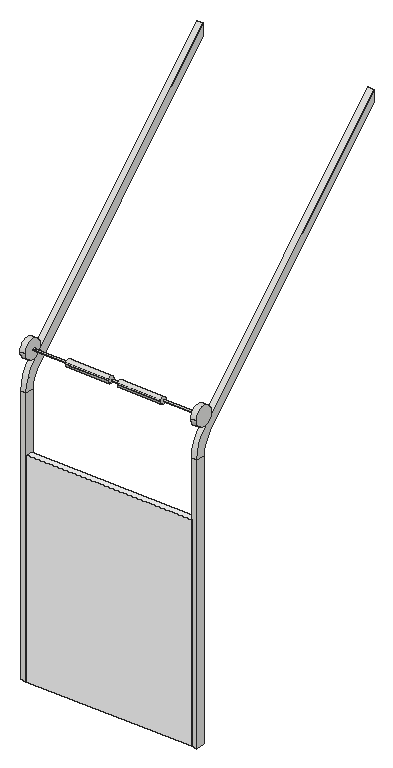
Revit family "VC-LH-1212", category Generic Models, host Wall, Revit 2026
Family settings
  Host = Wall
  Can host rebar = No
  Round Connector Dimension = Use Diameter
  Part Type = Normal
  Always vertical = Yes
  Cut with Voids When Loaded = Yes
  Maintain Annotation Orientation = No
  Shared = No
  Room Calculation Point = No
Parameters (values of type "9' x 11'")
  VerticalTrack [instance] = 14' - 0 1/2"
  Type Comments = "Insulated"  # constant formula
  TrackWidth = 0' - 3 1/2"
  TrackHeight = OpeningHeight + HeadRoom  # 14' - 0 1/2"
  TrackDepth = 0' - 5 3/8"  # constant formula
  Track Style = "Low Headroom 12/12 Pitch"  # constant formula
  PitTrackCutW = 1' - 0"
  PitTrackCutL = 1' - 0"
  PanelSize = 4' - 0"  # constant formula
  OpeningWidth = 9' - 0"
  OpeningHeight = 11' - 0 1/2"
  Model = "Verticool"  # constant formula
  Manufacturer = "TKO"  # constant formula
  HorizTrack = OpeningHeight - HeadRoom + 2' 0"  # 10' - 0 1/2"
  HeadRoom = 3' - 0"  # constant formula
  DoorThk = 0' - 4"  # constant formula
  Description = "Sectional Door"  # constant formula
  Default Elevation = 0' - 0"
  BelowFinFloor = 1' - 0 1/2"
Types (10): name | VerticalTrack | TrackHeight | OpeningWidth | OpeningHeight | HorizTrack
  (no name) | 14' - 0 1/2" | 14' - 0 1/2" | 9' - 0" | 11' - 0 1/2" | 10' - 0 1/2"
  8' x 10' | 13' - 0 1/2" | 13' - 0 1/2" | 8' - 0" | 10' - 0 1/2" | 9' - 0 1/2"
  9' x 10' | 13' - 0 1/2" | 13' - 0 1/2" | 9' - 0" | 10' - 0 1/2" | 9' - 0 1/2"
  10' x 10' | 13' - 0 1/2" | 13' - 0 1/2" | 10' - 0" | 10' - 0 1/2" | 9' - 0 1/2"
  10' x 11' | 14' - 0 1/2" | 14' - 0 1/2" | 10' - 0" | 11' - 0 1/2" | 10' - 0 1/2"
  9' x 11' | 14' - 0 1/2" | 14' - 0 1/2" | 9' - 0" | 11' - 0 1/2" | 10' - 0 1/2"
  8' x 11' | 14' - 0 1/2" | 14' - 0 1/2" | 8' - 0" | 11' - 0 1/2" | 10' - 0 1/2"
  9' x 12' | 15' - 0 1/2" | 15' - 0 1/2" | 9' - 0" | 12' - 0 1/2" | 11' - 0 1/2"
  8' x 12' | 15' - 0 1/2" | 15' - 0 1/2" | 8' - 0" | 12' - 0 1/2" | 11' - 0 1/2"
  10' x 12' | 15' - 0 1/2" | 15' - 0 1/2" | 10' - 0" | 12' - 0 1/2" | 11' - 0 1/2"
Reference planes (in)
  plane 1: y = 0
  plane 2 "Center (Left/Right)": x = 0
  plane 3 "Wall Edge": y = 3
  plane 4: x = -54
  plane 5: x = 54
  plane 6 "Bottom Of Door": z = -12.5
  plane 7: z = 120
  plane 8: y = 15
  plane 9: x = 66
  plane 10: x = -66
  plane 11: y = 3
  plane 12: y = 7
  plane 13: z = 35.5
  plane 14: z = 83.5
  plane 15: z = 131.5
  plane 16: x = -57.5
  plane 17: x = 57.5
  plane 18: y = 8.375
  plane 19: z = 156
  plane 20: z = 174
  plane 21: y = 26.375
  plane 22: z = 179.375
  plane 23: y = 146.875
  plane 24: x = -31
  plane 25: x = -3
  plane 26: x = 3
  plane 27: x = 31
Forms (in)
  Extrusion 1, void
    sketch origin (0, 3, 0) x (1, 0, 0) y (0, 0, 1)
      loop
        line (54, 120) -> (-54, 120) -> (-54, -12.5) -> (54, -12.5) -> (54, 120)
    from 0 to 6
  Extrusion 2, void
    sketch origin (0, 0, 0) x (1, 0, 0) y (0, 1, 0)
      loop
        line (-66, 15) -> (-66, 3) -> (-54, 3) -> (-54, -3) -> (54, -3) -> (54, 3) -> (66, 3) -> (66, 15) -> (-66, 15)
    from -12.5 to 0
  Extrusion 3, solid, material "DOOR PANEL"
    sketch origin (0, 0, 0) x (1, 0, 0) y (0, 1, 0)
      loop
        line (-54, 7) -> (-54, 3) -> (54, 3) -> (54, 7) -> (-54, 7)
    from -12.5 to 120
  Extrusion 4, solid, material "Steel"
    sketch origin (0, 0, 0) x (1, 0, 0) y (0, 1, 0)
      loop
        line (-57.5, 8.375) -> (-57.5, 3) -> (-54, 3) -> (-54, 8.375) -> (-57.5, 8.375)
      loop
        line (54, 8.375) -> (54, 3) -> (57.5, 3) -> (57.5, 8.375) -> (54, 8.375)
    from -12.5 to 156
  Extrusion 5, solid, material "Steel"
    sketch origin (0, 0, 0) x (0, 1, 0) y (0, 0, 1)
      loop
        arc (8.375, 156) -> (9.74517, 162.8883) -> (13.64708, 168.72792) r 18
        line (13.64708, 168.72792) -> (146.875, 301.95584) -> (146.875, 309.55724) -> (9.84638, 172.52862)
        arc (9.84638, 172.52862) -> (4.77932, 164.94523) -> (3, 156) r 23.375
        line (3, 156) -> (8.375, 156)
    from -57.5 to -54
  Extrusion 6, solid, material "Steel"
    sketch origin (0, 0, 0) x (0, 1, 0) y (0, 0, 1)
      loop
        circle (8.375, 179.375) r 6
    from -57.5 to -54
  Extrusion 7, solid, material "Steel"
    sketch origin (0, 0, 0) x (0, 1, 0) y (0, 0, 1)
      loop
        circle (8.375, 179.375) r 6
    from 54 to 57.5
  Extrusion 8, solid, material "Steel"
    sketch origin (0, 0, 0) x (0, 1, 0) y (0, 0, 1)
      loop
        circle (8.375, 179.375) r 0.5
    from -54 to 54
  Extrusion 9, solid, material "Steel"
    sketch origin (0, 0, 0) x (0, 1, 0) y (0, 0, 1)
      loop
        circle (8.375, 179.375) r 2
    from 3 to 31
  Extrusion 10, solid, material "Steel"
    sketch origin (-0.5, 0, 27.94939) x (0, 1, 0) y (0, 0, -1)
      loop
        circle (8.375, -151.42561) r 2
    from 2.5 to 30.5
  Extrusion 11, solid, material "Steel"
    sketch origin (0, 0, 0) x (0, 1, 0) y (0, 0, 1)
      loop
        arc (8.375, 156) -> (9.74517, 162.8883) -> (13.64708, 168.72792) r 18
        line (13.64708, 168.72792) -> (146.875, 301.95584) -> (146.875, 309.55724) -> (9.84638, 172.52862)
        arc (9.84638, 172.52862) -> (4.77932, 164.94523) -> (3, 156) r 23.375
        line (3, 156) -> (8.375, 156)
    from 54 to 57.5
Lines and regions (in)
  model lines
    curve 1: line (54, 3, 35.5) -> (-54, 3, 35.5)
    curve 2: line (-54, 3, 83.5) -> (54, 3, 83.5)
    curve 3: line (54, 3, 131.5) -> (-54, 3, 131.5)
Text (in)
  text "Placement Side" at (0, 240.99209, 123.01588), in view "Right"
  text "Placement Side" at (-70.3804, 83.26548, 0), in view "Ref. Level"
  text "Placement Side" at (0, 81.62555, 140.59947), in view "Left"
Dimensions and locks (in)
  locked: plane 3 "Wall Edge" to host wall
  equal spacing: plane 5, plane 2 "Center (Left/Right)", plane 4
  "OpeningWidth": plane 5 to plane 4
  "BelowFinFloor": plane 6 "Bottom Of Door" to level
  "OpeningHeight": plane 6 "Bottom Of Door" to plane 7
  "PitTrackCutW": plane 5 to plane 9
  "PitTrackCutW": plane 10 to plane 4
  "PitTrackCutL": plane 11 to plane 8
  "DoorThk": plane 11 to plane 12
  "PanelSize": plane 13 to plane 6 "Bottom Of Door"
  equal spacing: plane 15, plane 14, plane 13, plane 6 "Bottom Of Door"
  host wall to Extrusion 3 = 0' - 7"
  "TrackDepth": plane 18 to plane 11
  "TrackWidth": plane 16 to plane 4
  "TrackWidth": plane 5 to plane 17
  locked: plane 20 to plane 19 at 18
  locked: plane 21 to Extrusion 4 at 18
  "TrackDepth": plane 22 to plane 20
  "HeadRoom": plane 7 to plane 19
  "VerticalTrack": plane 19 to plane 6 "Bottom Of Door"
  "HorizTrack": plane 21 to plane 23
  locked: plane 24 to plane 25 at 28
  locked: plane 26 to plane 27 at 28
  equal spacing: plane 25, plane 2 "Center (Left/Right)", plane 26, locked at 3 each
  "TrackDepth": Extrusion 5 sketch curve to Extrusion 5 sketch curve
  radius of Extrusion 5 sketch curve = 1' - 6"
  radius of Extrusion 6 sketch curve = 0' - 6"
  radius of Extrusion 7 sketch curve = 0' - 6"
  radius of Extrusion 8 sketch curve = 0' - 0 1/2"
  radius of Extrusion 9 sketch curve = 0' - 2"
  radius of Extrusion 10 sketch curve = 0' - 2"
  radius of Extrusion 5 sketch curve = 1' - 11 3/8"
  radius of Extrusion 11 sketch curve = 1' - 6"
  radius of Extrusion 11 sketch curve = 1' - 11 3/8"
  locked: Extrusion 5 sketch curve to Extrusion 5 sketch curve (angle 45.00°)  (x2)
  locked: plane 19 to Extrusion 5 sketch curve (angle 45.00°)  (x2)
  angle Extrusion 11 sketch curve to Extrusion 11 sketch curve = 45.00°  (x2)
  aligned and locked: host wall to plane 11
  aligned and locked: Extrusion 1 sketch curve to plane 5
  aligned and locked: Extrusion 1 sketch curve to plane 6 "Bottom Of Door"
  aligned and locked: Extrusion 1 sketch curve to plane 4
  aligned and locked: Extrusion 1 to plane 11
  aligned and locked: host wall to Extrusion 1
  aligned and locked: Extrusion 2 sketch curve to plane 8
  aligned and locked: plane 10 to Extrusion 2 sketch curve
  aligned and locked: Extrusion 2 sketch curve to plane 11  (x2)
  aligned and locked: Extrusion 2 sketch curve to plane 9
  aligned and locked: Extrusion 2 to plane 6 "Bottom Of Door"
  aligned and locked: level to Extrusion 2
  aligned and locked: Extrusion 2 sketch curve to plane 5
  aligned and locked: plane 4 to Extrusion 2 sketch curve
  aligned and locked: Extrusion 2 sketch curve to host wall
  aligned and locked: Extrusion 3 to plane 3 "Wall Edge"
  aligned and locked: plane 12 to Extrusion 3
  aligned and locked: Extrusion 3 to plane 7
  aligned and locked: Extrusion 3 to plane 6 "Bottom Of Door"
  aligned and locked: Extrusion 4 sketch curve to plane 18  (x2)
  aligned and locked: Extrusion 4 sketch curve to plane 16
  aligned and locked: curve 1 to Extrusion 4 sketch curve
  aligned and locked: Extrusion 4 sketch curve to Extrusion 2
  aligned and locked: plane 5 to Extrusion 4 sketch curve
  aligned and locked: Extrusion 4 sketch curve to plane 11
  aligned and locked: Extrusion 4 sketch curve to plane 17
  aligned and locked: Extrusion 4 to plane 6 "Bottom Of Door"
  aligned and locked: plane 19 to Extrusion 4
  aligned and locked: curve 2 to plane 14
  aligned and locked: curve 3 to plane 15
  aligned and locked: curve 1 to plane 13
  aligned and locked: Extrusion 5 sketch curve to plane 11
  aligned and locked: Extrusion 5 sketch curve to Extrusion 4
  aligned and locked: plane 16 to Extrusion 5
  aligned and locked: Extrusion 5 to plane 4
  aligned and locked: plane 22 to Extrusion 6 sketch curve
  aligned and locked: Extrusion 4 to Extrusion 6 sketch curve
  aligned and locked: Extrusion 7 sketch curve to Extrusion 4
  aligned and locked: Extrusion 7 sketch curve to plane 22
  aligned and locked: plane 17 to Extrusion 7
  aligned and locked: Extrusion 7 to plane 5
  aligned and locked: Extrusion 6 to plane 16
  aligned and locked: plane 4 to Extrusion 6
  aligned and locked: plane 22 to Extrusion 8 sketch curve
  aligned and locked: Extrusion 4 to Extrusion 8 sketch curve
  aligned and locked: Extrusion 8 to plane 4
  aligned and locked: plane 5 to Extrusion 8
  aligned and locked: plane 22 to Extrusion 9 sketch curve
  aligned and locked: Extrusion 4 to Extrusion 9 sketch curve
  aligned and locked: Extrusion 9 to plane 26
  aligned and locked: plane 27 to Extrusion 9
  aligned and locked: Extrusion 10 to plane 24
  aligned and locked: plane 25 to Extrusion 10
  aligned and locked: plane 22 to Extrusion 10 sketch curve
  aligned and locked: Extrusion 4 to Extrusion 10 sketch curve
  aligned and locked: Extrusion 5 sketch curve to plane 23
  aligned and locked: Extrusion 4 to Extrusion 11 sketch curve
  aligned and locked: Extrusion 11 sketch curve to Extrusion 4
  aligned and locked: Extrusion 5 to Extrusion 11 sketch curve
  aligned and locked: plane 23 to Extrusion 11 sketch curve
  aligned and locked: Extrusion 11 sketch curve to Extrusion 5
  aligned and locked: plane 17 to Extrusion 11
  aligned and locked: Extrusion 11 to plane 5
Automatic sketch dimensions
  Extrusion 1 sketch curve to plane 7 = 0' - 0"
  Extrusion 3 sketch curve to host wall = 0' - 0"
  Extrusion 3 sketch curve to plane 4 = 0' - 0"
  Extrusion 3 sketch curve to plane 5 = 0' - 0"
  Extrusion 3 sketch curve to plane 12 = 0' - 0"
  curve 1 to plane 4 = 0' - 0"
  curve 2 to plane 4 = 0' - 0"
  curve 3 to plane 4 = 0' - 0"
  curve 3 to plane 5 = 0' - 0"
  curve 2 to plane 5 = 0' - 0"
  curve 1 to plane 5 = 0' - 0"
  Extrusion 4 sketch curve to plane 17 = 0' - 0"
  Extrusion 11 sketch curve to Extrusion 11 sketch curve = 0' - 7.6014"
